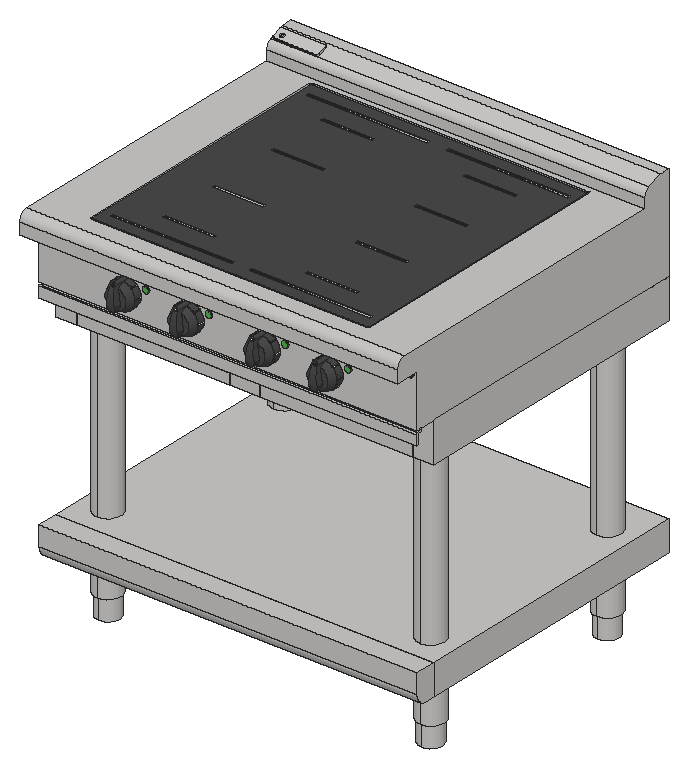
Revit family "QF_Moffat_INL8400F-LS_Induction_Cooktop_cat", category Specialty Equipment, Revit 2019 (continued)
Definition of nested family "QF_LOGO_Waldorf1"
  Lines and regions (mm)
    Split face 3
      outline origin (0, -1.25, 2.946) x (1, 0, 0) y (0, 0.920505, 0.390731)
        loop
          spline (44.938, 8.597) -> (44.508, 8.228) -> (44.402, 7.9) -> (44.548, 7.626) -> (44.877, 7.42) -> (45.317, 7.295) -> (45.797, 7.265) -> (46.252, 7.342) -> (46.65, 7.525) -> (46.971, 7.813) -> (47.194, 8.201) -> (47.298, 8.685) -> (47.264, 9.264)
    Split face 4
      outline origin (0, -1.25, 2.946) x (1, 0, 0) y (0, 0.920505, 0.390731)
        loop
          line (53.33, 16.975) -> (53.33, 5.728) -> (57.173, 5.728) -> (57.173, 16.975) -> (53.33, 16.975)
    Split face 5
      outline origin (0, -1.25, 2.946) x (1, 0, 0) y (0, 0.920505, 0.390731)
        loop
          line (65.795, 16.975) -> (65.795, 12.976)
          spline (65.795, 12.976) -> (63.839, 14.082) -> (62.087, 14.096) -> (60.633, 13.343) -> (59.574, 12.148) -> (58.99, 10.806) -> (58.867, 9.452) -> (59.156, 8.159) -> (59.81, 7) -> (60.786, 6.056) -> (62.111, 5.514) -> (63.868, 5.634) -> (66.137, 6.679)
          line (66.137, 6.679) -> (66.137, 5.728) -> (69.511, 5.728) -> (69.511, 16.975) -> (65.795, 16.975)
    Split face 6
      outline origin (0, -1.25, 2.946) x (1, 0, 0) y (0, 0.920505, 0.390731)
        loop
          spline (64.273, 7.499) -> (64.754, 7.57) -> (65.202, 7.777) -> (65.587, 8.106) -> (65.882, 8.535) -> (66.067, 9.034) -> (66.131, 9.57) -> (66.067, 10.106) -> (65.882, 10.605) -> (65.587, 11.034) -> (65.202, 11.363) -> (64.754, 11.57) -> (64.273, 11.64)
          spline (64.273, 11.64) -> (63.793, 11.57) -> (63.345, 11.363) -> (62.96, 11.034) -> (62.665, 10.605) -> (62.479, 10.106) -> (62.416, 9.57) -> (62.479, 9.034) -> (62.665, 8.535) -> (62.96, 8.106) -> (63.345, 7.777) -> (63.793, 7.57) -> (64.273, 7.499)
    Split face 7
      outline origin (0, -1.25, 2.946) x (1, 0, 0) y (0, 0.920505, 0.390731)
        loop
          spline (76.449, 5.305) -> (77.855, 5.457) -> (79.166, 5.901) -> (80.291, 6.607) -> (81.155, 7.527) -> (81.698, 8.599) -> (81.883, 9.749) -> (81.698, 10.899) -> (81.155, 11.97) -> (80.291, 12.891) -> (79.166, 13.597) -> (77.855, 14.041) -> (76.449, 14.192)
          spline (76.449, 14.192) -> (75.042, 14.041) -> (73.731, 13.597) -> (72.606, 12.891) -> (71.742, 11.97) -> (71.199, 10.899) -> (71.014, 9.749) -> (71.199, 8.599) -> (71.742, 7.527) -> (72.606, 6.607) -> (73.731, 5.901) -> (75.042, 5.457) -> (76.449, 5.305)
    Split face 8
      outline origin (0, -1.25, 2.946) x (1, 0, 0) y (0, 0.920505, 0.390731)
        loop
          spline (76.449, 7.654) -> (76.841, 7.725) -> (77.206, 7.934) -> (77.52, 8.267) -> (77.76, 8.701) -> (77.912, 9.206) -> (77.963, 9.749) -> (77.912, 10.291) -> (77.76, 10.796) -> (77.52, 11.23) -> (77.206, 11.563) -> (76.841, 11.772) -> (76.449, 11.843)
          spline (76.449, 11.843) -> (76.057, 11.772) -> (75.691, 11.563) -> (75.378, 11.23) -> (75.137, 10.796) -> (74.986, 10.291) -> (74.934, 9.749) -> (74.986, 9.206) -> (75.137, 8.701) -> (75.378, 8.267) -> (75.691, 7.934) -> (76.057, 7.725) -> (76.449, 7.654)
    Split face 9
      outline origin (0, -1.25, 2.946) x (1, 0, 0) y (0, 0.920505, 0.390731)
        loop
          line (86.998, 12.335) -> (86.998, 13.879) -> (83.479, 13.879) -> (83.479, 5.728) -> (87.312, 5.728) -> (87.312, 8.975)
          spline (87.312, 8.975) -> (87.364, 9.356) -> (87.458, 9.686) -> (87.594, 9.968) -> (87.769, 10.204) -> (87.982, 10.398) -> (88.229, 10.55) -> (88.509, 10.666) -> (88.82, 10.746) -> (89.16, 10.794) -> (89.525, 10.812) -> (89.915, 10.803) -> (90.327, 10.77)
          line (90.327, 10.77) -> (90.327, 14.113)
          spline (90.327, 14.113) -> (89.929, 14.127) -> (89.552, 14.111) -> (89.197, 14.066) -> (88.865, 13.991) -> (88.554, 13.887) -> (88.266, 13.754) -> (87.999, 13.591) -> (87.755, 13.399) -> (87.532, 13.177) -> (87.332, 12.926) -> (87.154, 12.645) -> (86.998, 12.335)
    Split face 10
      outline origin (0, -1.25, 2.946) x (1, 0, 0) y (0, 0.920505, 0.390731)
        loop
          line (92.082, 13.879) -> (90.894, 13.879) -> (90.894, 11.972) -> (92.082, 11.972) -> (92.082, 5.728) -> (95.871, 5.728) -> (95.871, 11.972) -> (97.5, 11.972) -> (97.5, 13.879) -> (95.871, 13.879)
          spline (95.871, 13.879) -> (95.843, 14.088) -> (95.845, 14.278) -> (95.877, 14.447) -> (95.939, 14.596) -> (96.03, 14.726) -> (96.151, 14.835) -> (96.301, 14.925) -> (96.482, 14.995) -> (96.692, 15.045) -> (96.931, 15.075) -> (97.201, 15.085) -> (97.5, 15.076)
          line (97.5, 15.076) -> (97.5, 17.266) -> (95.367, 17.266)
          spline (95.367, 17.266) -> (94.982, 17.253) -> (94.58, 17.21) -> (94.174, 17.132) -> (93.774, 17.013) -> (93.39, 16.846) -> (93.034, 16.627) -> (92.717, 16.349) -> (92.448, 16.007) -> (92.24, 15.595) -> (92.102, 15.106) -> (92.046, 14.537) -> (92.082, 13.879)
  Dimensions and locks
    equal spacing: plane 3 "LEFT", plane 7 "Center Y", plane 4 "RIGHT"
    "Length": plane 3 "LEFT" to plane 4 "RIGHT"
    equal spacing: plane 5 "FRONT", plane 8 "Center X", plane 1 "BACK"
    "Depth": plane 5 "FRONT" to plane 1 "BACK"
    "Height": plane 6 "TOP" to level
    plane 4 "RIGHT" to plane 3 "LEFT" = 138 mm
    aligned and locked: level to plane 2
  Automatic sketch dimensions
    Extrusion 1 sketch curve to plane 3 "LEFT" = 0 mm
    plane 3 "LEFT" to Extrusion 1 sketch curve = 4 mm  (x2)
    Extrusion 1 sketch curve to Extrusion 1 sketch curve = 10.75 mm
    Extrusion 1 sketch curve to Extrusion 1 sketch curve = 0.5 mm
    plane 4 "RIGHT" to Extrusion 1 sketch curve = 33 mm
    Extrusion 1 sketch curve to Extrusion 1 sketch curve = 0 mm  (x3)
    Extrusion 1 sketch curve to Extrusion 1 sketch curve = 4 mm
    Extrusion 1 sketch curve to Extrusion 1 sketch curve = 3.464 mm  (x3)
    Extrusion 1 sketch curve to Extrusion 1 sketch curve = 3.541 mm
    Extrusion 1 sketch curve to Extrusion 1 sketch curve = 4.325 mm
    Extrusion 1 sketch curve to Extrusion 1 sketch curve = 19.783 mm
    Extrusion 1 sketch curve to Extrusion 1 sketch curve = 7.592 mm
    plane 3 "LEFT" to Extrusion 2 sketch curve = 15.25 mm
    Extrusion 2 sketch curve to Extrusion 2 sketch curve = 4.325 mm
    plane 3 "LEFT" to Extrusion 3 sketch curve = 14.75 mm
    Extrusion 3 sketch curve to Extrusion 3 sketch curve = 4.325 mm
    Extrusion 1 to Split face 1 sketch curve = 6.879 mm
    Split face 1 sketch curve to Extrusion 1 = 5.728 mm
    Split face 1 sketch curve to Split face 1 sketch curve = 3.132 mm
    Split face 1 sketch curve to Split face 1 sketch curve = 4.068 mm
    Split face 1 sketch curve to Split face 1 sketch curve = 3.051 mm
    Split face 1 sketch curve to Split face 1 sketch curve = 4.203 mm
    Split face 1 sketch curve to Split face 1 sketch curve = 2.916 mm
    Split face 1 sketch curve to Split face 1 sketch curve = 3.456 mm
    Split face 1 sketch curve to Split face 1 sketch curve = 2.934 mm
    Split face 1 sketch curve to Split face 1 sketch curve = 4.131 mm
    Split face 1 sketch curve to Split face 1 sketch curve = 3.96 mm
    Split face 1 sketch curve to Split face 1 sketch curve = 0 mm  (x2)
    Split face 1 sketch curve to Extrusion 1 = 9.736 mm  (x2)
    Extrusion 1 to Split face 1 sketch curve = 6.337 mm
    Extrusion 1 to Split face 1 sketch curve = 6.231 mm
    Extrusion 1 to Split face 1 sketch curve = 3.184 mm
    Extrusion 1 to Split face 1 sketch curve = 13.135 mm
    Split face 1 sketch curve to Split face 1 sketch curve = 4.652 mm
    Split face 1 sketch curve to Split face 1 sketch curve = 3.593 mm
    Split face 1 sketch curve to Split face 1 sketch curve = 1.863 mm
    Split face 1 sketch curve to Split face 1 sketch curve = 0.713 mm
    Split face 1 sketch curve to Split face 1 sketch curve = 2.684 mm
    Split face 1 sketch curve to Split face 1 sketch curve = 3.294 mm
    Split face 1 sketch curve to Split face 1 sketch curve = 0.459 mm
    Split face 1 sketch curve to Split face 1 sketch curve = 2.775 mm
    Split face 1 sketch curve to Split face 1 sketch curve = 1.89 mm
    Split face 1 sketch curve to Split face 1 sketch curve = 0.685 mm
    Split face 1 sketch curve to Split face 1 sketch curve = 9.486 mm
    Split face 1 sketch curve to Split face 1 sketch curve = 16.213 mm
    Split face 1 sketch curve to Split face 1 sketch curve = 3.48 mm
    Split face 1 sketch curve to Split face 1 sketch curve = 4.918 mm
    Split face 1 sketch curve to Split face 1 sketch curve = 7.609 mm
    Split face 1 sketch curve to Split face 1 sketch curve = 0.01 mm  (x2)
    Split face 1 sketch curve to Split face 1 sketch curve = 0.002 mm
    Split face 2 sketch curve to Extrusion 1 = 11.169 mm
    Extrusion 1 to Split face 2 sketch curve = 25.647 mm
    Split face 2 sketch curve to Split face 2 sketch curve = 3.72 mm
    Split face 2 sketch curve to Extrusion 1 = 11.965 mm
    Split face 2 sketch curve to Split face 2 sketch curve = 0.371 mm
    Split face 2 sketch curve to Extrusion 1 = 6.602 mm
    Split face 2 sketch curve to Split face 2 sketch curve = 2.689 mm
    Split face 2 sketch curve to Split face 2 sketch curve = 0.318 mm
    Split face 2 sketch curve to Split face 2 sketch curve = 3.729 mm
    Split face 2 sketch curve to Split face 2 sketch curve = 0.414 mm
    Split face 2 sketch curve to Split face 2 sketch curve = 0.875 mm
    Split face 2 sketch curve to Split face 2 sketch curve = 0.878 mm
    Split face 3 sketch curve to Extrusion 1 = 8.597 mm
    Extrusion 1 to Split face 3 sketch curve = 29.688 mm
    Split face 3 sketch curve to Extrusion 1 = 9.264 mm
    Split face 3 sketch curve to Split face 3 sketch curve = 2.326 mm
    Split face 4 sketch curve to Extrusion 1 = 5.728 mm
    Extrusion 1 to Split face 4 sketch curve = 38.08 mm
    Split face 4 sketch curve to Split face 4 sketch curve = 3.843 mm
    Split face 4 sketch curve to Extrusion 1 = 9.736 mm
    Split face 5 sketch curve to Extrusion 1 = 9.736 mm
    Split face 5 sketch curve to Extrusion 1 = 43.205 mm
    Split face 5 sketch curve to Extrusion 1 = 6.679 mm
    Split face 5 sketch curve to Split face 5 sketch curve = 0.342 mm
    Split face 5 sketch curve to Split face 5 sketch curve = 3.375 mm
    Split face 5 sketch curve to Split face 5 sketch curve = 0.952 mm
    Split face 5 sketch curve to Split face 5 sketch curve = 3.998 mm
    Split face 6 sketch curve to Extrusion 1 = 7.499 mm
    Split face 6 sketch curve to Extrusion 1 = 44.727 mm
    Split face 6 sketch curve to Split face 6 sketch curve = 2.07 mm
    Split face 7 sketch curve to Extrusion 1 = 5.305 mm
    Split face 7 sketch curve to Extrusion 1 = 32.551 mm
    Split face 7 sketch curve to Split face 7 sketch curve = 4.443 mm
    Split face 8 sketch curve to Extrusion 1 = 7.654 mm
    Split face 8 sketch curve to Extrusion 1 = 32.551 mm
    Split face 8 sketch curve to Split face 8 sketch curve = 2.095 mm
    Split face 9 sketch curve to Extrusion 1 = 5.728 mm
    Split face 9 sketch curve to Extrusion 1 = 25.521 mm
    Split face 9 sketch curve to Split face 9 sketch curve = 3.519 mm
    Split face 9 sketch curve to Split face 9 sketch curve = 0.315 mm
    Split face 9 sketch curve to Split face 9 sketch curve = 3.33 mm
    Split face 9 sketch curve to Split face 9 sketch curve = 3.248 mm
    Split face 9 sketch curve to Split face 9 sketch curve = 1.795 mm
    Split face 9 sketch curve to Split face 9 sketch curve = 3.36 mm
    Split face 9 sketch curve to Split face 9 sketch curve = 1.545 mm
    Split face 9 sketch curve to Split face 9 sketch curve = 0.233 mm
    Split face 10 sketch curve to Extrusion 1 = 18.106 mm
    Split face 10 sketch curve to Split face 10 sketch curve = 1.188 mm  (x2)
    Split face 10 sketch curve to Split face 10 sketch curve = 3.285 mm
    Split face 10 sketch curve to Split face 10 sketch curve = 3.789 mm
    Split face 10 sketch curve to Split face 10 sketch curve = 0 mm  (x2)
    Split face 10 sketch curve to Split face 10 sketch curve = 1.629 mm
    Split face 10 sketch curve to Split face 10 sketch curve = 2.133 mm
    Split face 10 sketch curve to Extrusion 1 = 5.728 mm
    Split face 10 sketch curve to Split face 10 sketch curve = 6.245 mm
    Split face 10 sketch curve to Split face 10 sketch curve = 1.907 mm  (x2)
    Split face 10 sketch curve to Split face 10 sketch curve = 1.197 mm
    Split face 10 sketch curve to Split face 10 sketch curve = 2.19 mm
Types (2, lengths in mm): name | Volts | Cycle
  INL8400F-LS_415/60/3 | 415 V | 60 Hz
  INL8400F-LS_400/50/3 | 400 V | 50 Hz
